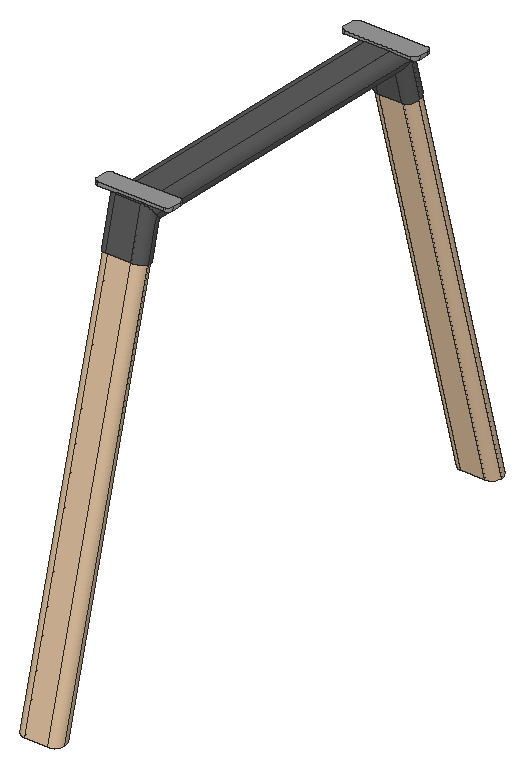
Revit family "FU_Table_Sandler_Plania_PL30150", category Furniture, Revit 2020
Family settings
  OmniClass Number = 23.40.20.00
  OmniClass Title = General Furniture and Specialties
  Work Plane-Based = No
  Always vertical = Yes
  Cut with Voids When Loaded = No
  Shared = No
  Room Calculation Point = No
Parameters (values of type "PL30150")
  Wood Finish = Wood - Oak - Natural - V
  Width = 145 mm
  URL = "https://www.sandlerseating.com/product/pl30150/"
  Model = "Plania PL30150"
  Manufacturer = "Sandler"
  Height = 841.5 mm
  Description = "Set of ML01 table legs for Plania tables with a height of 36″ for tables 48″ wide. Please note 2 sets of legs are required for each table / bench, assembly required"
  Depth = 1075.7 mm
  Default Elevation = 0 mm
Reference planes
  plane 1 "Center (Front/Back)": y = 0
  plane 2: z = 0
  plane 3 "Center (Left/Right)": x = 0
  plane 4 "Right": x = -72.5
  plane 5 "Left": x = 72.5
  plane 6 "Back": y = 537.85
  plane 7 "Front": y = -537.85
  plane 8 "Height": z = 841.5
  plane 9 "Seat height": z = 400
  plane 10 "Leg Right Edge": x = -40.5
  plane 11 "Leg Left Edge": x = 40.5
  plane 12 "Right Leg Angle RIGHT": through (4267.2, -519.466, 8.5) normal (0, -0.9659, 0.2588)
  plane 13 "Left Leg Angle LEFT": through (4267.2, 519.466, 8.5) normal (0, -0.9659, -0.2588)
  plane 14 "Top Leg Center RIGHT": z = 817.4
  plane 15 "Glide Height": z = 5.5
  plane 16 "Support Top": z = 835.5
  plane 17: y = -342.908
  plane 18: z = 740.108
  plane 19: y = 342.908
  plane 20 "Right Leg Angle RIGHT": through (4267.2, -479.116, 8.5) normal (0, -0.9659, 0.2588)
  plane 21: y = -302.558
  plane 22 "Left Leg Angle LEFT": through (4267.2, 479.116, 8.5) normal (0, -0.9659, -0.2588)
  plane 23: y = 302.558
Forms (mm)
  Sweep 1, solid, material "Wood - Oak - Natural - V" <- "Wood Finish"
    path origin (0, 0, 0) x (0, 1, 0) y (0, 0, 1)
      loop
        line (-521.743, 0) -> (-321.346, 747.892)
    profile "Pro Lozenge : W80xH35" origin (0, -421.545, 373.946) x (0, -0.965926, 0.258819) y (1, 0, 0)
      loop
        arc (-17.48, -22.6) -> (-12.381, -34.911) -> (-0.07, -40.01) r 17.41
        arc (-0.07, -40.01) -> (12.361, -34.638) -> (17.48, -22.1) r 17.913
        line (17.48, -22.1) -> (17.48, 22.6)
        arc (17.48, 22.6) -> (12.331, 34.96) -> (-0.07, 40.01) r 17.41
        arc (-0.07, 40.01) -> (-12.381, 34.911) -> (-17.48, 22.6) r 17.41
        line (-17.48, 22.6) -> (-17.48, -22.6)
  Sweep 2, solid, material "Wood - Oak - Natural - V" <- "Wood Finish"
    path origin (0, 0, 0) x (0, -1, 0) y (0, 0, 1)
      loop
        line (-521.743, 0) -> (-321.346, 747.892)
    profile "Pro Lozenge : W80xH35" origin (0, 421.545, 373.946) x (0, -0.965926, -0.258819) y (1, 0, 0)
      loop
        line (-17.48, 22.6) -> (-17.48, -22.6)
        arc (-17.48, -22.6) -> (-12.381, -34.911) -> (-0.07, -40.01) r 17.41
        arc (-0.07, -40.01) -> (12.331, -34.96) -> (17.48, -22.6) r 17.41
        line (17.48, -22.6) -> (17.48, 22.1)
        arc (17.48, 22.1) -> (12.361, 34.638) -> (-0.07, 40.01) r 17.913
        arc (-0.07, 40.01) -> (-12.381, 34.911) -> (-17.48, 22.6) r 17.41
  Sweep 3, solid, material "M1_B00 - Black"
    path in 3D
      loop
        line (0, -323.093, 741.374) -> (0, -302.703, 817.47) -> (0, 302.703, 817.47) -> (0, 323.292, 740.631)
    profile "Pro Lozenge : W84xH39" origin (0, 0, 817.47) x (0, 0, 1) y (1, 0, 0)
      loop
        arc (-19.48, -22.6) -> (-13.795, -36.325) -> (-0.07, -42.01) r 19.41
        arc (-0.07, -42.01) -> (13.646, -37.357) -> (19.48, -24.1) r 17.979
        line (19.48, -24.1) -> (19.48, 22.6)
        arc (19.48, 22.6) -> (13.746, 36.375) -> (-0.07, 42.01) r 19.41
        arc (-0.07, 42.01) -> (-13.795, 36.325) -> (-19.48, 22.6) r 19.41
        line (-19.48, 22.6) -> (-19.48, -22.6)
  Extrusion 4, solid, material "Rubber, Black"
    sketch origin (0, 42.26, 841.5) x (-1, 0, 0) y (0, -1, 0)
      loop
        line (62.5, 355.358) -> (-62.5, 355.358)
        arc (-62.5, 355.358) -> (-69.571, 352.429) -> (-72.5, 345.358) r 10
        line (-72.5, 345.358) -> (-72.5, 327.858)
        arc (-72.5, 327.858) -> (-69.571, 320.786) -> (-62.5, 317.858) r 10
        line (-62.5, 317.858) -> (62.5, 317.858)
        arc (62.5, 317.858) -> (69.571, 320.786) -> (72.5, 327.858) r 10
        line (72.5, 327.858) -> (72.5, 345.358)
        arc (72.5, 345.358) -> (69.571, 352.429) -> (62.5, 355.358) r 10
    from -6 to 0
  Extrusion 5, void
    sketch origin (0, 0, 0) x (0, 1, 0) y (0, 0, 1)
      loop
        line (-539.53, -9.5) -> (-495.308, -9.5) -> (-495.308, 5.5) -> (-539.53, 5.5) -> (-539.53, -9.5)
    from -72.5 to 72.5
  Extrusion 6, void
    sketch origin (0, 0, 0) x (0, -1, 0) y (0, 0, -1)
      loop
        line (-539.53, 9.5) -> (-539.53, -5.5) -> (-495.308, -5.5) -> (-495.308, 9.5) -> (-539.53, 9.5)
    from -72.5 to 72.5
  Extrusion 7, solid
    sketch origin (0, 0, 0) x (1, 0, 0) y (0, 1, 0)
      loop
        arc (-14.25, -515.518) -> (-20.25, -521.518) -> (-14.25, -527.518) r 6
        line (-14.25, -527.518) -> (14.25, -527.518)
        arc (14.25, -527.518) -> (20.25, -521.518) -> (14.25, -515.518) r 6
        line (14.25, -515.518) -> (-14.25, -515.518)
    from 0 to 5.5
  Extrusion 8, solid
    sketch origin (0, 0, 0) x (1, 0, 0) y (0, 1, 0)
      loop
        line (-14.25, 515.518) -> (14.25, 515.518)
        arc (14.25, 515.518) -> (20.25, 521.518) -> (14.25, 527.518) r 6
        line (14.25, 527.518) -> (-14.25, 527.518)
        arc (-14.25, 527.518) -> (-20.25, 521.518) -> (-14.25, 515.518) r 6
    from 0 to 5.5
  Extrusion 9, solid, material "Rubber, Black"
    sketch origin (0, -42.26, 841.5) x (-1, 0, 0) y (0, -1, 0)
      loop
        arc (62.5, -355.358) -> (69.571, -352.429) -> (72.5, -345.358) r 10
        line (72.5, -345.358) -> (72.5, -327.858)
        arc (72.5, -327.858) -> (69.571, -320.786) -> (62.5, -317.858) r 10
        line (62.5, -317.858) -> (-62.5, -317.858)
        arc (-62.5, -317.858) -> (-69.571, -320.786) -> (-72.5, -327.858) r 10
        line (-72.5, -327.858) -> (-72.5, -345.358)
        arc (-72.5, -345.358) -> (-69.571, -352.429) -> (-62.5, -355.358) r 10
        line (-62.5, -355.358) -> (62.5, -355.358)
    from -6 to 0
Cuts and joins
  Extrusion 5, Extrusion 6 cuts Sweep 1
  Extrusion 6 cuts Sweep 2
Lines and regions (mm)
  sketch lines
    curve 1: line (0, -302.703, 817.47) -> (0, 302.703, 817.47)
    curve 2: line (0, -323.093, 741.374) -> (0, -302.703, 817.47)
    curve 3: line (0, 302.703, 817.47) -> (0, 323.292, 740.631)
Dimensions and locks
  equal spacing: plane 4 "Right", plane 3 "Center (Left/Right)", plane 5 "Left"
  "Width": plane 4 "Right" to plane 5 "Left"
  equal spacing: plane 6 "Back", plane 1 "Center (Front/Back)", plane 7 "Front"
  "Depth": plane 6 "Back" to plane 7 "Front"
  "Height": plane 8 "Height" to level
  plane 9 "Seat height" to level = 400 mm
  locked: plane 7 "Front" to plane 17 at 194.942
  locked: plane 19 to plane 6 "Back" at 194.942
  plane 8 "Height" to plane 16 "Support Top" to plane 14 "Top Leg Center RIGHT" to plane 18 = 6 mm locked, 18.1 mm locked, 77.292 mm locked
  aligned and locked: level to plane 2
  aligned and locked: plane 15 "Glide Height" to Extrusion 7
  aligned and locked: Sweep 3 to plane 14 "Top Leg Center RIGHT"
Automatic sketch dimensions
  Sweep 1 sketch curve to level = 0 mm
  Sweep 1 sketch curve to plane 12 "Right Leg Angle RIGHT" = 0 mm  (x2)
  Sweep 1 sketch curve to plane 18 = 7.784 mm
  Sweep 2 sketch curve to level = 0 mm
  plane 13 "Left Leg Angle LEFT" to Sweep 2 sketch curve = 0 mm
  Sweep 2 sketch curve to plane 13 "Left Leg Angle LEFT" = 0 mm
  plane 18 to Sweep 2 sketch curve = 7.784 mm
  Extrusion 4 sketch curve to plane 5 "Left" = 0 mm
  Extrusion 4 sketch curve to plane 4 "Right" = 0 mm
  Extrusion 4 sketch curve to plane 5 "Left" = 10 mm  (x2)
  plane 4 "Right" to Extrusion 4 sketch curve = 10 mm  (x2)
  plane 17 to Extrusion 4 sketch curve = 29.81 mm
  Extrusion 4 sketch curve to Extrusion 4 sketch curve = 17.5 mm
  Extrusion 5 sketch curve to plane 15 "Glide Height" = 0 mm
  Extrusion 5 sketch curve to plane 7 "Front" = 1.68 mm
  plane 7 "Front" to Extrusion 5 sketch curve = 42.542 mm
  Extrusion 5 sketch curve to level = 9.5 mm
  Extrusion 6 sketch curve to plane 15 "Glide Height" = 0 mm
  Extrusion 6 sketch curve to plane 6 "Back" = 1.68 mm
  plane 6 "Back" to Extrusion 6 sketch curve = 42.542 mm
  level to Extrusion 6 sketch curve = 9.5 mm
  Extrusion 7 sketch curve to plane 3 "Center (Left/Right)" = 14.25 mm
  plane 3 "Center (Left/Right)" to Extrusion 7 sketch curve = 14.25 mm
  plane 7 "Front" to Extrusion 7 sketch curve = 10.332 mm
  Extrusion 7 sketch curve to Extrusion 7 sketch curve = 6 mm
  Extrusion 7 sketch curve to Extrusion 7 sketch curve = 0 mm
  plane 3 "Center (Left/Right)" to Extrusion 8 sketch curve = 14.25 mm
  Extrusion 8 sketch curve to plane 3 "Center (Left/Right)" = 14.25 mm
  plane 6 "Back" to Extrusion 8 sketch curve = 10.332 mm
  Extrusion 8 sketch curve to Extrusion 8 sketch curve = 6 mm
  Extrusion 8 sketch curve to Extrusion 8 sketch curve = 0 mm
  Extrusion 9 sketch curve to plane 5 "Left" = 0 mm
  Extrusion 9 sketch curve to plane 4 "Right" = 0 mm
  plane 5 "Left" to Extrusion 9 sketch curve = 10 mm  (x2)
  Extrusion 9 sketch curve to plane 4 "Right" = 10 mm  (x2)
  Extrusion 9 sketch curve to plane 19 = 29.81 mm
  Extrusion 9 sketch curve to Extrusion 9 sketch curve = 17.5 mm
